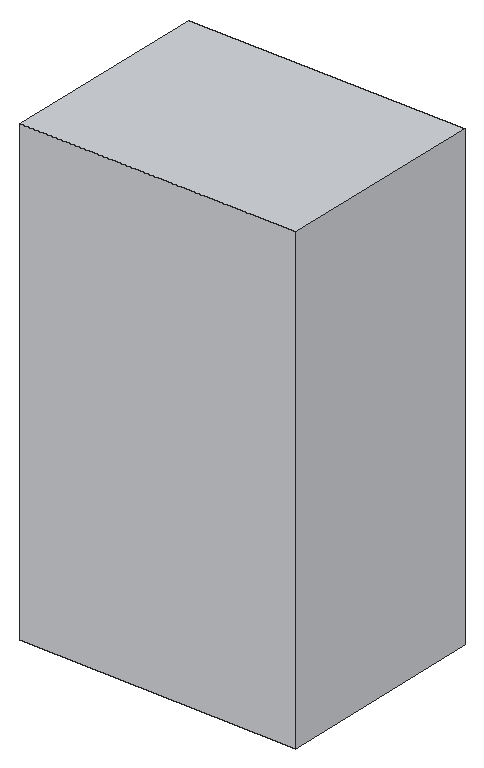
Revit family
Parameters
  Warranty Duration (Years) = 0
  Unit Width [instance] = 2' - 6"
  Unit Height [instance] = 0' - 9 99/256"
  Unit Depth = 0' - 0"
  URL = "http://www.americanspecialties.com/viewCategories.cfm"
  Trim Material = Metal - Stainless Steel
  Test Data = ""
  Specification = "http://www.arcat.com/sdspecs/htm/10810asi.htm"
  SpecWizard = ""
  Send Message = "http://www.arcat.com/users.pl?action=UserEmail&company=American%20Specialties,%20Inc.&coid=30448&rep=139&fax=914-476-0688&mf="
  Sales Information = "http://www.americanspecialties.com/contact"
  Revision = "R1_10-2010"
  Product Properties = "http://www.americanspecialties.com/datasheets/0755-SS.pdf"
  Product Data = "http://www.arcat.com/arcatcos/cos30/arc30448.html"
  Model = "As Specified in 10 28 13"
  Manufacturer Website = "http://www.americanspecialties.com/viewCategories.cfm"
  Manufacturer Phone - Toll Free = ""
  Manufacturer Phone = "914-476-9000 "
  Manufacturer Fax = "914-476-0688"
  Manufacturer Address = "441 Saw Mill River Rd., Yonkers, NY 10701"
  Manufacturer = "American Specialties, Inc."
  Maintenance Schedule (Months) = 0
  Keynote = "10 28 13"
  Installation-Fabrication = "http://www.americanspecialties.com/products.cfm"
  Green Building-LEED = ""
  Expected Lifespan (Years) = 0
  Drawn By = "Robert S. Weygant. CSI, CDT, SCIP"  # constant formula
  Description = "Toilet Accessory as Specified in 10 28 13"
  Default Elevation = 4' - 0"
  Copyright = "©Arcat Inc."
  Construction Details = "http://www.arcat.com/green/clients/leed_data_30448.html"
  Building Codes = "http://www.americanspecialties.com/products.cfm"
  Body Material = Metal - Stainless Steel
  Assembly Code = "C1030210"
Reference planes (in)
  plane 1 "Center (Front/Back)": y = -0.29112
  plane 2 "Floor Line": z = 0
  plane 3 "Center (Left/Right)": x = -0.65843
  plane 4: z = 52.69336
  plane 5: x = -15.65843
  plane 6: x = 14.34157
  plane 7: z = 48
  plane 8: z = 57.38672
Forms (in)
  Extrusion 1, solid
    sketch origin (-3, -9, -6) x (0, 0, -1) y (1, 0, 0)
      loop
        line (-82, 26) -> (-82, -19.34712) -> (-6, -19.34712) -> (-6, 26) -> (-82, 26)
    from 9 to -25.60721
  Extrusion 2, solid, material "Metal - Stainless Steel" <- "Body Material"
    sketch origin (-11.00414, 0, 0) x (0, 1, 0) y (0, 0, 1)
      loop
        circle (-0.29112, 2.5) r 0.5
    from -4.6543 to 25.3457
  Extrusion 3, solid, material "Metal - Stainless Steel" <- "Body Material"
    sketch origin (-11.31664, 0, 0) x (0, 1, 0) y (0, 0, 1)
      loop
        circle (-0.29112, 2.5) r 0.84375
    from -4.6543 to -4.0293
  Extrusion 4, solid, material "Metal - Stainless Steel" <- "Body Material"
    sketch origin (9.99977, 0, 0) x (0, 1, 0) y (0, 0, -1)
      loop
        circle (-0.29112, -2.5) r 0.84375
    from -4.6543 to -4.0293
  Revolve 5, solid, material "Metal - Stainless Steel" <- "Body Material"
    sketch origin (0, -0.29112, 0) x (1, 0, 0) y (0, 0, 1)
      loop
        arc (-14.80995, 0.1) -> (-14.96158, 0.15123) -> (-15.05106, 0.28392) r 0.25
        line (-15.05106, 0.28392) -> (-15.44714, 1.50293)
        arc (-15.44714, 1.50293) -> (-15.43923, 1.62915) -> (-15.3471, 1.71579) r 0.17188
        arc (-15.3471, 1.71579) -> (-15.49994, 1.67127) -> (-15.65843, 1.65625) r 0.84375
        line (-15.65843, 1.65625) -> (-15.65843, 0) -> (-14.34593, 0) -> (-14.34593, 0.1) -> (-14.80995, 0.1)
      axis (-15.65843, 0) -> (-15.65843, 1.71579)
    angle from 0 to 360
  Revolve 6, solid, material "Metal - Stainless Steel" <- "Body Material"
    sketch origin (0, -0.29112, 0) x (1, 0, 0) y (0, 0, 1)
      loop
        arc (15.19005, 0.1) -> (15.03842, 0.15123) -> (14.94894, 0.28392) r 0.25
        line (14.94894, 0.28392) -> (14.55286, 1.50293)
        arc (14.55286, 1.50293) -> (14.56077, 1.62915) -> (14.6529, 1.71579) r 0.17188
        arc (14.6529, 1.71579) -> (14.50006, 1.67127) -> (14.34157, 1.65625) r 0.84375
        line (14.34157, 1.65625) -> (14.34157, 0) -> (15.65407, 0) -> (15.65407, 0.1) -> (15.19005, 0.1)
      axis (14.34157, 0) -> (14.34157, 1.71579)
    angle from 0 to 360
  Revolve 7, void
    sketch origin (0, -0.29112, 0) x (1, 0, 0) y (0, 0, 1)
      loop
        line (-16.69098, 0) -> (-16.53473, 0) -> (-16.53473, 0.1215) -> (-16.69098, 0.1215) -> (-16.69098, 0)
      axis (-16.69098, 0) -> (-16.69098, 0.1215)
    angle from 0 to 360
  Revolve 8, void
    sketch origin (-1.31687, -0.29112, 0) x (-1, 0, 0) y (0, 0, 1)
      loop
        line (-16.69098, 0) -> (-16.53473, 0) -> (-16.53473, 0.1215) -> (-16.69098, 0.1215) -> (-16.69098, 0)
      axis (-16.69098, 0) -> (-16.69098, 0.1215)
    angle from 0 to 360
  Revolve 9, void
    sketch origin (0, -1.35716, 0) x (1, 0, 0) y (0, 0, 1)
      loop
        line (-15.65843, 0) -> (-15.50218, 0) -> (-15.50218, 0.1215) -> (-15.65843, 0.1215) -> (-15.65843, 0)
      axis (-15.65843, 0) -> (-15.65843, 0.1215)
    angle from 0 to 360
  Revolve 10, void
    sketch origin (0, 0.77493, 0) x (1, 0, 0) y (0, 0, -1)
      loop
        line (-15.65843, 0) -> (-15.65843, -0.1215) -> (-15.50218, -0.1215) -> (-15.50218, 0) -> (-15.65843, 0)
      axis (-15.65843, 0) -> (-15.65843, -0.1215)
    angle from 0 to 360
  Revolve 11, void
    sketch origin (-1.31687, -1.35716, 0) x (-1, 0, 0) y (0, 0, -1)
      loop
        line (-15.65843, 0) -> (-15.65843, -0.1215) -> (-15.50218, -0.1215) -> (-15.50218, 0) -> (-15.65843, 0)
      axis (-15.65843, 0) -> (-15.65843, -0.1215)
    angle from 0 to 360
  Revolve 12, void
    sketch origin (-1.31687, 0.77493, 0) x (-1, 0, 0) y (0, 0, 1)
      loop
        line (-15.65843, 0) -> (-15.50218, 0) -> (-15.50218, 0.1215) -> (-15.65843, 0.1215) -> (-15.65843, 0)
      axis (-15.65843, 0) -> (-15.65843, 0.1215)
    angle from 0 to 360
Cuts and joins
  Revolve 7, Revolve 8, Revolve 9, Revolve 10, Revolve 11, Revolve 12 cuts Revolve 5
  Revolve 8, Revolve 11, Revolve 12 cuts Revolve 6
Lines and regions (in)
  model lines
    curve 1: line (-15.97093, -0.29112, 0) -> (-15.34593, -0.29112, 0)
Dimensions and locks (in)
  equal spacing: plane 8, plane 4, plane 7
  equal spacing: plane 6, plane 3 "Center (Left/Right)", plane 5
  "Unit Width": plane 6 to plane 5
  "Unit Height": plane 8 to plane 7
  "Default Elevation": plane 7 to plane 2 "Floor Line"
  locked: Extrusion 3 to Extrusion 3 at 0.625
  locked: Extrusion 4 to Extrusion 2 at 0.3125
  locked: Extrusion 3 to plane 5 at 0.3125
  locked: Extrusion 4 to Extrusion 4 at 0.625
  aligned and locked: Extrusion 1 to level
  aligned and locked: Revolve 5 sketch curve to Revolve 5 sketch curve
  aligned and locked: plane 5 to Revolve 5 sketch curve
  aligned and locked: Revolve 6 sketch curve to Revolve 6 sketch curve
  aligned and locked: plane 6 to Revolve 6 sketch curve
  aligned and locked: Extrusion 2 to plane 5
  aligned and locked: plane 6 to Extrusion 2
  aligned and locked: Revolve 9 sketch curve to Revolve 9 sketch curve  (x2)
  aligned and locked: Revolve 10 sketch curve to Revolve 10 sketch curve  (x2)
  aligned and locked: Revolve 11 sketch curve to Revolve 11 sketch curve  (x2)
  aligned and locked: Revolve 12 sketch curve to Revolve 12 sketch curve  (x2)
Automatic sketch dimensions
  Extrusion 1 sketch curve to Extrusion 1 sketch curve = 6' - 4"
  Extrusion 1 sketch curve to Extrusion 1 sketch curve = 3' - 9.34712"
  Extrusion 2 sketch curve to plane 1 "Center (Front/Back)" = 0' - 0"
  level to Extrusion 2 sketch curve = 0' - 2 1/2"
  Extrusion 3 sketch curve to plane 1 "Center (Front/Back)" = 0' - 0"
  level to Extrusion 3 sketch curve = 0' - 2 1/2"
  Extrusion 4 sketch curve to plane 1 "Center (Front/Back)" = 0' - 0"
  level to Extrusion 4 sketch curve = 0' - 2 1/2"
  Revolve 5 sketch curve to level = 0' - 0"  (x2)
  plane 5 to Revolve 5 sketch curve = 0' - 0.21129"
  Revolve 5 sketch curve to Revolve 5 sketch curve = 0' - 0.10004"
  Revolve 5 sketch curve to Revolve 5 sketch curve = 0' - 0"  (x2)
  Revolve 5 sketch curve to Revolve 5 sketch curve = 0' - 0.06342"
  level to Revolve 5 sketch curve = 0' - 0.28392"
  plane 5 to Revolve 5 sketch curve = 0' - 0.60737"
  level to Revolve 5 sketch curve = 0' - 0.1"
  Revolve 5 sketch curve to Revolve 5 sketch curve = 0' - 0.24111"
  Revolve 5 sketch curve to Revolve 5 sketch curve = 0' - 0.46402"
  Revolve 5 sketch curve to Revolve 5 sketch curve = 0' - 1.21901"
  Revolve 5 sketch curve to Revolve 5 sketch curve = 0' - 0.05311"
  Revolve 6 sketch curve to level = 0' - 0"  (x2)
  plane 6 to Revolve 6 sketch curve = 0' - 0.21129"
  Revolve 6 sketch curve to Revolve 6 sketch curve = 0' - 0.10004"
  Revolve 6 sketch curve to Revolve 6 sketch curve = 0' - 0"  (x2)
  Revolve 6 sketch curve to Revolve 6 sketch curve = 0' - 0.06342"
  level to Revolve 6 sketch curve = 0' - 0.28392"
  plane 6 to Revolve 6 sketch curve = 0' - 0.60737"
  level to Revolve 6 sketch curve = 0' - 0.1"
  Revolve 6 sketch curve to Revolve 6 sketch curve = 0' - 0.24111"
  Revolve 6 sketch curve to Revolve 6 sketch curve = 0' - 0.46402"
  Revolve 6 sketch curve to Revolve 6 sketch curve = 0' - 1.21901"
  Revolve 6 sketch curve to Revolve 6 sketch curve = 0' - 0.05311"
  Revolve 7 sketch curve to level = 0' - 0"  (x2)
  Revolve 7 sketch curve to plane 5 = 0' - 1.03254"
  Revolve 7 sketch curve to Revolve 7 sketch curve = 0' - 0"  (x2)
  Revolve 7 sketch curve to Revolve 7 sketch curve = 0' - 0 5/32"
  level to Revolve 7 sketch curve = 0' - 0.1215"
  Revolve 8 sketch curve to level = 0' - 0"  (x2)
  Revolve 8 sketch curve to plane 6 = 0' - 1.03254"
  Revolve 8 sketch curve to Revolve 8 sketch curve = 0' - 0"  (x2)
  Revolve 8 sketch curve to Revolve 8 sketch curve = 0' - 0 5/32"
  Revolve 8 sketch curve to Revolve 8 sketch curve = 0' - 0.1215"
  Revolve 9 sketch curve to level = 0' - 0"
  Revolve 9 sketch curve to plane 5 = 0' - 0"
  plane 5 to Revolve 9 sketch curve = 0' - 0 5/32"
  level to Revolve 9 sketch curve = 0' - 0.1215"
  Revolve 9 sketch curve to Revolve 9 sketch curve = 0' - 0"
  Revolve 10 sketch curve to level = 0' - 0"
  Revolve 10 sketch curve to plane 5 = 0' - 0"
  plane 5 to Revolve 10 sketch curve = 0' - 0 5/32"
  level to Revolve 10 sketch curve = 0' - 0.1215"
  Revolve 10 sketch curve to Revolve 10 sketch curve = 0' - 0"
  Revolve 11 sketch curve to level = 0' - 0"
  Revolve 11 sketch curve to plane 6 = 0' - 0"
  Revolve 11 sketch curve to plane 6 = 0' - 0 5/32"
  Revolve 11 sketch curve to Revolve 11 sketch curve = 0' - 0.1215"
  Revolve 11 sketch curve to Revolve 11 sketch curve = 0' - 0"
  Revolve 12 sketch curve to level = 0' - 0"
  Revolve 12 sketch curve to plane 6 = 0' - 0"
  Revolve 12 sketch curve to plane 6 = 0' - 0 5/32"
  Revolve 12 sketch curve to Revolve 12 sketch curve = 0' - 0.1215"
  Revolve 12 sketch curve to Revolve 12 sketch curve = 0' - 0"
  curve 1 to plane 1 "Center (Front/Back)" = 0' - 0"
  curve 1 to plane 5 = 0' - 0 5/16"
  plane 5 to curve 1 = 0' - 0 5/16"
  radius of Extrusion 2 sketch curve = 0' - 0 1/2"
  radius of Extrusion 3 sketch curve = 0' - 0 27/32"
  radius of Extrusion 4 sketch curve = 0' - 0 27/32"
